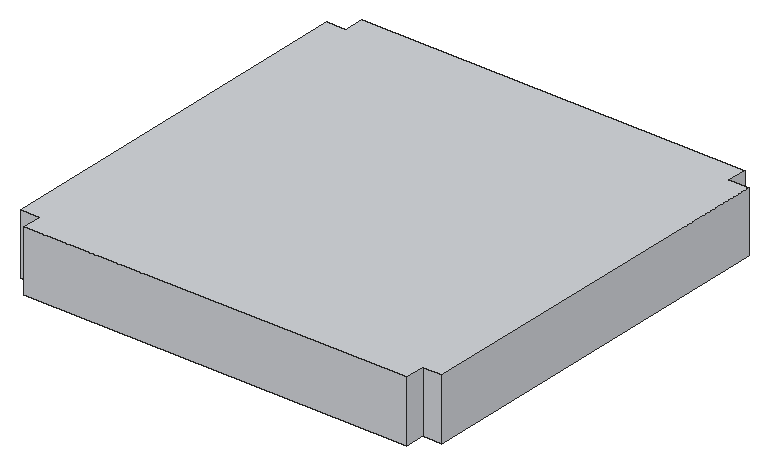
Revit family "EI_Bodentanks_V1700", category Elektroinstallationen, Revit 2017
Family settings
  Beschriftungsausrichtung beibehalten = Nein
  Bemaßung runder Anschluss = Durchmesser verwenden
  Teiletyp = Normal
  Arbeitsebenenbasiert = Nein
  Immer vertikal = Ja
  Beim Laden mit Abzugskörper schneiden = Nein
  Gemeinsam genutzt = Nein
  Raumberechnungspunkt = Nein
Parameters (values of type "Bodenanschlußsaeule_2fach")
  Überstand = 25 mm
  pbr_Material_KZ = ""
  pbr_Material = none
  pbr_E_Typ = ""
  pbr_E_KZ = ""
  pbr_DINBild = 0
  pbr_Bild = 0
  pbr_3Dx_Delta_Korrekturversatz [instance] = 0 mm
  pbr_2DY_Versatzfaktor [instance] = 0
  pbr_2DX_Versatzfaktor [instance] = 0
  cpiFitMatchKey [instance] = "E-BD"  # constant formula
  Zentrale [instance] = ""
  YFrontversatz [instance] = if(pbr_2DY_Versatzfaktor = 300, 0 mm, pbr_2DY_Versatzfaktor * 300 mm)  # 0 mm
  XVersatz L = 1725 mm
  XSeitenversatz [instance] = if(pbr_2DX_Versatzfaktor = 0, 3000 mm, 3000 mm + (pbr_2DX_Versatzfaktor * 300 mm)) + Eckversatz  # 3000 mm
  Wirkleistung [instance] = 0 W
  Typ [instance] = ""
  Text3 [instance] = ""
  Text2 [instance] = ""
  Text1 [instance] = ""
  Spannung [instance] = 0
  Scheinleistung [instance] = 0 VA
  Schaltgruppe2 [instance] = 0
  Schaltgruppe1 [instance] = 0
  Polig [instance] = 1
  Planungsbüro Rohling = "www.pbr.de"
  Nennstrom [instance] = 0
  Menge(Dosenzahl) [instance] = 0
  Länge = KA Breite X + Überstand * 2  # 550 mm
  Linie/Anschluss [instance] = ""
  Leistungsfaktor [instance] = 0
  Lastklassifizierung = none
  KA Breite Y = 500 mm
  KA Breite X = 500 mm
  Installationsart [instance] = ""
  Info [instance] = ""
  Höhe = 80 mm
  Gleichzeitigkeitsfaktor3 [instance] = 0
  Gleichzeitigkeitsfaktor2 [instance] = 0
  Gleichzeitigkeitsfaktor1 [instance] = 0
  Gewerk [instance] = "Steck"
  Eckversatz [instance] = 0 mm
  Breite = KA Breite Y + Überstand * 2  # 550 mm
  Bodenanschlußsäule 2-fach = yes
  Anlaufstrom [instance] = 0
Reference planes
  plane 1 "Mitte (Vorne/Hinten)": y = 0
  plane 2: z = 0
  plane 3 "Mitte (Links/Rechts)": x = 0
  plane 4: x = 250
  plane 5: x = -250
  plane 6: x = -275
  plane 7: x = 275
  plane 8: y = 275
  plane 9: y = -275
  plane 10: z = 80
  plane 11: y = 250
  plane 12: y = -250
  plane 13: x = -2000
Forms (mm)
  Extrusion 1, solid
    sketch origin (1360, 0, 0) x (1, 0, 0) y (0, 1, 0)
      loop
        line (-1610, 275) -> (-1610, -275) -> (-1110, -275) -> (-1110, 275) -> (-1610, 275)
    from 0 to 80
  Sweep 2, solid
    path origin (1360, 0, 0) x (1, 0, 0) y (0, 1, 0)
      loop
        line (-1635, 0) -> (-1085, 0)
    profile origin (0, 0, 0) x (0, 1, 0) y (0, 0, 1)
      loop
        line (250, 80) -> (-250, 80) -> (-250, 0) -> (250, 0) -> (250, 80)
Cuts and joins
  joined: Extrusion 1, Sweep 2
Dimensions and locks
  "KA Breite X": plane 5 to plane 4
  "Überstand": plane 6 to plane 5
  "Überstand": plane 4 to plane 7
  "Höhe": plane 10 to level
  equal spacing: plane 11, plane 1 "Mitte (Vorne/Hinten)", plane 12
  "KA Breite X": plane 11 to plane 12
  "Überstand": plane 8 to plane 11
  "Überstand": plane 12 to plane 9
  plane 13 to plane 3 "Mitte (Links/Rechts)" = 2000 mm
  "XVersatz L": plane 13 to plane 6
  cut or joined group of Extrusion 1, Sweep 2 to cut or joined group of Extrusion 1, Sweep 2 = 550 mm
  plane 6 to plane 7 = 550 mm  (x2)
  plane 8 to plane 9 = 550 mm
  plane 5 to plane 4 = 500 mm
  aligned and locked: level to plane 2
  aligned and locked: Extrusion 1 sketch curve to plane 4
  aligned and locked: plane 5 to Extrusion 1 sketch curve
  aligned and locked: plane 6 to Sweep 2 sketch curve
  aligned and locked: plane 7 to Sweep 2 sketch curve
  aligned and locked: plane 12 to Sweep 2 sketch curve
  aligned and locked: Sweep 2 sketch curve to plane 11
  aligned and locked: Sweep 2 sketch curve to plane 10
  aligned and locked: level to Sweep 2 sketch curve
  aligned and locked: plane 8 to cut or joined group of Extrusion 1, Sweep 2
  aligned and locked: cut or joined group of Extrusion 1, Sweep 2 to plane 9
  aligned and locked: plane 3 "Mitte (Links/Rechts)" to nested 1
  aligned and locked: plane 1 "Mitte (Vorne/Hinten)" to nested 1
Automatic sketch dimensions
  plane 1 "Mitte (Vorne/Hinten)" to Sweep 2 sketch curve = 0 mm
  Extrusion 1 sketch curve to plane 8 = 0 mm
  Extrusion 1 sketch curve to plane 12 = 25 mm
Nested families
  nested 1: "Bodenanschlusssäule 2-fach" at (0, 0, 0), visible <- "Bodenanschlußsäule 2-fach", type "Bodenanschlusssäule 2-fach"
Definition of nested family "Bodenanschlusssäule 2-fach"
  Reference planes
    plane 1 "Mitte (Vorne/Hinten)": y = 0
    plane 2: z = 0
    plane 3 "Mitte (Links/Rechts)": x = 0
  Lines and regions (mm)
    detail lines, in view "Referenzebene"
      curve 1: line (-82.833, 200, 0) -> (85.167, 200, 0)
      curve 2: line (85.167, 200, 0) -> (85.167, 0, 0)
      curve 3: line (85.167, 0, 0) -> (-82.833, 0, 0)
      curve 4: line (-82.833, 0, 0) -> (-82.833, 200, 0)
      curve 5: line (-47.833, 35, 0) -> (-47.833, 165, 0)
      curve 6: line (-47.833, 165, 0) -> (50.167, 165, 0)
      curve 7: line (50.167, 165, 0) -> (50.167, 35, 0)
      curve 8: line (50.167, 35, 0) -> (-47.833, 35, 0)
      curve 9: line (-47.833, 35, 0) -> (50.167, 165, 0)
      curve 10: line (-47.833, 165, 0) -> (50.167, 35, 0)
